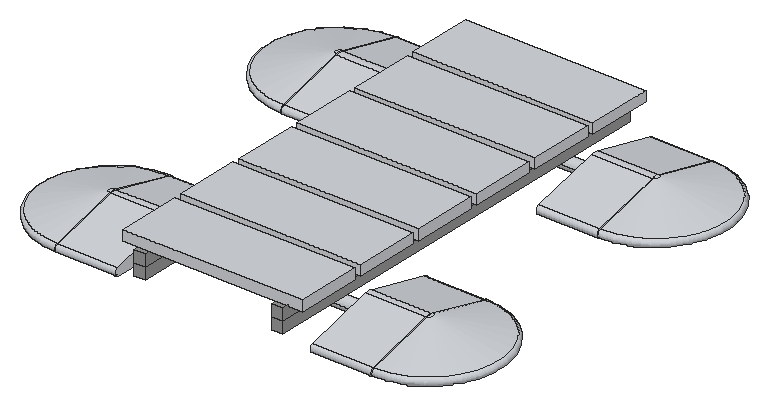
Revit family "Kee_Safety_KWM21_1_5M_FREE_STANDING_MODULE_75MPH", category Generic Models, host Face, Revit 2024
Family settings
  Host = Face
  Can host rebar = No
  Round Connector Dimension = Use Diameter
  Part Type = Normal
  Cut with Voids When Loaded = No
  Maintain Annotation Orientation = No
  Shared = No
  Room Calculation Point = No
Parameters
  Shipping Weight kg = "74"
  Product Range = "KeeWalk"
  Product Model Number = "WW721ASSY"
  Product Literature = "https://keesafety.co.uk/images/uploads/uk/documents/Kee_Walk_Brochure_1.pdf"
  Product Group = "KeeWalk"
  Product Family = "KeeWalk"
  Width = 1590 mm
  Overall Width = 620 mm
  Overall Length = 1494 mm
  Overall Height = 167 mm
  Material = Aluminum
  Manufacturer Website = "www.keesafety.co.uk"
  Manufacturer Country = "United Kingdom"
  Manufacturer = "Kee Safety"
  Location of Manufacturer = "Cradley Heath"
  Gross Weight kg = "74"
  Finish = "Annodized Aluminium"
  Features = "Modular Rooftop walkway to EN 516"
  Design Country = "United Kingdom"
  Description = "Kee Walk® System provides a safe, anti-slip, level walking surface for means of access to and across roofs. It provides a\r\ndemarcation route which protects the roof membrane from unnecessary foot traffic and potential damage. Pre-assembled\r\nin 1,5m unit."
  Default Elevation = 1219.2 mm
  Coverage Area = 1500.00 m²
  Colour = "Tread Black"
  CE Approval = yes
  Assembly Code = "KWM21"
  Annually = "Periodic inspections by a competent person are recommended by the manufacturer. In\r\nUK/Europe these are required under Regulation 5 of the Workplace (Health, Safety &\r\nWelfare) Regulations, the Work at Height Regulations and BS EN 365. The frequency will\r\ndepend upon the environment, location and usage but should be at least every 12 months.\r\nWalk and visually inspect the complete installed system in relation to the clients’ general\r\nneeds. Establish if any modifications and/or additional products are required to reflect\r\nany refurbishment requirements or additional plant & equipment which have been installed\r\nand require access.\r\nCheck installation configuration is complete as per the original installation drawing/plan.\r\nEnsure the system has not been modified or tampered with by unauthorised persons.\r\nCheck all Kee Walk are in place as per the original drawing. This is essential for longevity of\r\nthe roof.\r\nCheck all fixings are in place and correctly torqued.\r\nAny galvanised components showing signs of corrosion should be wire brushed thoroughly\r\nand galvanised spray/paint applied as appropriate. If rusted significantly, take digital\r\nphotographs and include these in the inspection report. All component and assembled\r\nparts should be kept clean, using detergent if necessary, by wiping down with a wet cloth\r\nor hosing with clean water, after which they should be wiped down with a dry cloth.\r\nWhere toe-boards are fitted check the brackets that support the toe-board are in place and\r\nsufficiently torqued.\r\nWhere applicable check fixings to walls/structures including cat ladder clamps are in place\r\nand sufficiently torqued.\r\nIf the Kee Walk becomes damaged in any, please arrange for inspection and any necessary\r\nrepair or component replacement.."
  Angle [instance] = 0.00°
Reference planes
  plane 1 "Center (Front/Back)": y = 0
  plane 2: z = 0
  plane 3 "Center (Left/Right)": x = 0
  plane 4: z = 81
  plane 5 "1": z = 75.213
  plane 6 "2": z = 73.792
  plane 7 "3": z = 57.713
  plane 8 "5": z = 41.568
  plane 9 "4": z = 56.945
  plane 10 "6": z = 40.402
Dimensions and locks
  level to plane 4 = 81 mm
  aligned and locked: plane 2 to host face
  aligned and locked: level to host face
  aligned and locked: plane 1 "Center (Front/Back)" to nested 1
Nested families
  nested 1: "KWM21 1,5M FREE STANDING MODULE 75MPH" at (-17.5, 0, 0), type "KWM21 1,5M FREE STANDING MODULE 75MPH"
Definition of nested family "KWM21 1,5M FREE STANDING MODULE 75MPH"
  Parameters (values of type "KWM21 1,5M FREE STANDING MODULE 75MPH")
    step length = 1040 mm
    part = yes
    full steps pitch = 2004 mm
    Step Material = none
    Step Angle = 0.00°
    Step Brck position = (step length / 2)  # 520 mm
    Railing Material = none
    Overall Length = 1494 mm
    Default Elevation = 1219.2 mm
    Base Material = none
  Reference planes
    plane 1 "Center (Front/Back)": y = 0
    plane 2: z = 0
    plane 3 "Center (Left/Right)": x = -67.5
    plane 4: y = 747
    plane 5: y = -747
    plane 6: z = 82.4
    plane 7: x = 552.5
    plane 8: x = -15
    plane 9: z = 42.4
    plane 10: x = 25
    plane 11: x = 242.5
    plane 12: y = -477
    plane 13: y = 497
    plane 14: y = -20
    plane 15: y = 20
    plane 16: x = 500
    plane 17: x = 460
    plane 18: y = -1257
    plane 19: z = 21.2
    plane 20: x = -92.5
    plane 21: x = 577.5
    plane 22: z = 85
    plane 23: y = 247
    plane 24: x = -302.5
    plane 25: x = -552.67
    plane 26: x = 1037.67
  Forms (mm)
    Extrusion 1, solid, not visible, detail levels fine
      sketch origin (84, 481.056, 0) x (1, 0, 0) y (0, 1, 0)
        loop
          line (-954, 1018.944) -> (-954, -2042.709) -> (1123.899, -2042.709) -> (1123.899, 1018.944) -> (-954, 1018.944)
      from 0 to -100
    Extrusion 2, solid, material <- "Base Material", detail levels fine
      sketch origin (145, 130, 0) x (1, 0, 0) y (0, 1, 0)
        loop
          line (-160, 617) -> (-160, -877) -> (-120, -877) -> (-120, 617) -> (-160, 617)
      from 42.4 to 82.4
    Extrusion 3, solid, material <- "Base Material", detail levels fine
      sketch origin (340, 130, 0) x (-1, 0, 0) y (0, -1, 0)
        loop
          line (-160, -617) -> (-120, -617) -> (-120, 877) -> (-160, 877) -> (-160, -617)
      from 42.4 to 82.4
    Extrusion 4, solid, detail levels fine
      sketch origin (-67.5, 0, 70) x (0, 1, 0) y (0, 0, 1)
        loop
          line (747, 52.4) -> (747, 87.4) -> (522, 87.4) -> (522, 52.4) -> (747, 52.4)
      from 0 to 620
    Extrusion 5, solid, material <- "Railing Material", detail levels fine
      sketch origin (-70, -55.625, 88.905) x (0, 1, 0) y (0, 0, 1)
        loop
          line (802.625, -6.505) -> (802.625, 33.495) -> (-691.375, 33.495) -> (-691.375, -6.505) -> (802.625, -6.505)
      from 55 to 95
    Extrusion 6, solid, detail levels medium
      sketch origin (0, 0, 0) x (1, 0, 0) y (0, 0, 1)
        loop
          line (-92.5, 0) -> (577.5, 0) -> (577.5, 42.4) -> (500, 42.4) -> (500, 122.4) -> (552.5, 122.4) -> (552.5, 157.4) -> (-67.5, 157.4) -> (-67.5, 122.4) -> (-15, 122.4) -> (-15, 42.4) -> (-92.5, 42.4) -> (-92.5, 0)
      from -747 to 747
    Extrusion 7, solid, detail levels coarse
      sketch origin (0, 0, 0) x (1, 0, 0) y (0, 0, 1)
        loop
          line (-552.67, 0) -> (1037.67, 0) -> (1037.67, 85) -> (552.5, 85) -> (552.5, 157.4) -> (-67.5, 157.4) -> (-67.5, 85) -> (-552.67, 85) -> (-552.67, 0)
      from -747 to 747
    Extrusion 8, solid, detail levels fine
      sketch origin (-70, 263.081, -74.315) x (0, 1, 0) y (0, 0, 1)
        loop
          circle (233.919, 95.515) r 21.2
        loop
          circle (-740.081, 95.515) r 21.2
      from -22.5 to 647.5
    Extrusion 9, solid, detail levels fine
      sketch origin (162.5, -2.779, 0) x (0, 1, 0) y (0, 0, 1)
        loop
          arc (736.027, 0) -> (749.495, 11.913) -> (739.314, 26.734) r 13.569
          line (739.314, 26.734) -> (512.501, 83.37)
          arc (512.501, 83.37) -> (499.418, 84.979) -> (486.336, 83.37) r 54
          line (486.336, 83.37) -> (259.523, 26.734)
          arc (259.523, 26.734) -> (249.342, 11.913) -> (262.81, 0) r 13.569
          line (262.81, 0) -> (497, 0) -> (736.027, 0)
      from -255 to -465
    Revolve 10, solid, detail levels fine
      sketch origin (-302.5, 0, 0) x (0, 1, 0) y (0, 0, 1)
        loop
          arc (733.609, 0) -> (747.076, 11.913) -> (736.896, 26.734) r 13.569
          line (736.896, 26.734) -> (510.082, 83.37)
          arc (510.082, 83.37) -> (503.59, 84.575) -> (497, 84.979) r 54
          line (497, 84.979) -> (497, 0) -> (733.609, 0)
        axis (497, 84.979) -> (497, 0)
      angle from 0 to 180
    Extrusion 11, solid, detail levels fine
      sketch origin (322.5, -2.779, 0) x (0, 1, 0) y (0, 0, -1)
        loop
          line (736.027, 0) -> (497, 0) -> (262.81, 0)
          arc (262.81, 0) -> (249.342, -11.913) -> (259.523, -26.734) r 13.569
          line (259.523, -26.734) -> (486.336, -83.37)
          arc (486.336, -83.37) -> (499.418, -84.979) -> (512.501, -83.37) r 54
          line (512.501, -83.37) -> (739.314, -26.734)
          arc (739.314, -26.734) -> (749.495, -11.913) -> (736.027, 0) r 13.569
      from -255 to -465
    Revolve 12, solid, detail levels fine
      sketch origin (787.5, 0, 0) x (0, 1, 0) y (0, 0, -1)
        loop
          line (733.609, 0) -> (497, 0) -> (497, -84.979)
          arc (497, -84.979) -> (503.59, -84.575) -> (510.082, -83.37) r 54
          line (510.082, -83.37) -> (736.896, -26.734)
          arc (736.896, -26.734) -> (747.076, -11.913) -> (733.609, 0) r 13.569
        axis (497, -84.979) -> (497, 0)
      angle from 0 to 180
    Extrusion 13, solid, detail levels medium
      sketch origin (0, 0, 0) x (1, 0, 0) y (0, 1, 0)
        loop
          line (-92.5, 747) -> (-552.67, 747) -> (-552.67, 247) -> (-92.5, 247) -> (-92.5, 747)
        loop
          line (1037.67, 747) -> (577.5, 747) -> (577.5, 246.462) -> (1037.67, 246.462) -> (1037.67, 747)
      from 0 to 85
    Extrusion 14, solid, material <- "Railing Material", detail levels fine
      sketch origin (555, -55.625, 88.905) x (0, 1, 0) y (0, 0, -1)
        loop
          line (802.625, 6.505) -> (-691.375, 6.505) -> (-691.375, -33.495) -> (802.625, -33.495) -> (802.625, 6.505)
      from 55 to 95
    Revolve 15, solid, detail levels fine
      sketch origin (-302.5, -2510, 0) x (0, 1, 0) y (0, 0, 1)
        loop
          arc (2269.609, 0) -> (2283.076, 11.913) -> (2272.896, 26.734) r 13.569
          line (2272.896, 26.734) -> (2046.082, 83.37)
          arc (2046.082, 83.37) -> (2039.59, 84.575) -> (2033, 84.979) r 54
          line (2033, 84.979) -> (2033, 0) -> (2269.609, 0)
        axis (2033, 84.979) -> (2033, 0)
      angle from 0 to 180
    Revolve 16, solid, detail levels fine
      sketch origin (787.5, -2510, 0) x (0, 1, 0) y (0, 0, -1)
        loop
          line (2269.609, 0) -> (2033, 0) -> (2033, -84.979)
          arc (2033, -84.979) -> (2039.59, -84.575) -> (2046.082, -83.37) r 54
          line (2046.082, -83.37) -> (2272.896, -26.734)
          arc (2272.896, -26.734) -> (2283.076, -11.913) -> (2269.609, 0) r 13.569
        axis (2033, -84.979) -> (2033, 0)
      angle from 0 to 180
    Extrusion 17, solid, detail levels medium
      sketch origin (0, -974, 0) x (1, 0, 0) y (0, 1, 0)
        loop
          line (-92.5, 747) -> (-552.67, 747) -> (-552.67, 247) -> (-92.5, 247) -> (-92.5, 747)
        loop
          line (1037.67, 747) -> (577.5, 747) -> (577.5, 246.462) -> (1037.67, 246.462) -> (1037.67, 747)
      from 0 to 85
    Extrusion 18, solid, detail levels fine
      sketch origin (162.5, -976.779, 0) x (0, 1, 0) y (0, 0, 1)
        loop
          arc (736.027, 0) -> (749.495, 11.913) -> (739.314, 26.734) r 13.569
          line (739.314, 26.734) -> (512.501, 83.37)
          arc (512.501, 83.37) -> (499.418, 84.979) -> (486.336, 83.37) r 54
          line (486.336, 83.37) -> (259.523, 26.734)
          arc (259.523, 26.734) -> (249.342, 11.913) -> (262.81, 0) r 13.569
          line (262.81, 0) -> (497, 0) -> (736.027, 0)
      from -255 to -465
    Extrusion 19, solid, detail levels fine
      sketch origin (322.5, -976.779, 0) x (0, 1, 0) y (0, 0, -1)
        loop
          line (736.027, 0) -> (497, 0) -> (262.81, 0)
          arc (262.81, 0) -> (249.342, -11.913) -> (259.523, -26.734) r 13.569
          line (259.523, -26.734) -> (486.336, -83.37)
          arc (486.336, -83.37) -> (499.418, -84.979) -> (512.501, -83.37) r 54
          line (512.501, -83.37) -> (739.314, -26.734)
          arc (739.314, -26.734) -> (749.495, -11.913) -> (736.027, 0) r 13.569
      from -255 to -465
    Extrusion 20, solid, detail levels fine
      sketch origin (-67.5, -250, 70) x (0, 1, 0) y (0, 0, 1)
        loop
          line (747, 52.4) -> (747, 87.4) -> (522, 87.4) -> (522, 52.4) -> (747, 52.4)
      from 0 to 620
    Extrusion 21, solid, detail levels fine
      sketch origin (-67.5, -500, 70) x (0, 1, 0) y (0, 0, 1)
        loop
          line (747, 52.4) -> (747, 87.4) -> (522, 87.4) -> (522, 52.4) -> (747, 52.4)
      from 0 to 620
    Extrusion 22, solid, detail levels fine
      sketch origin (-67.5, -750, 70) x (0, 1, 0) y (0, 0, 1)
        loop
          line (747, 52.4) -> (747, 87.4) -> (522, 87.4) -> (522, 52.4) -> (747, 52.4)
      from 0 to 620
    Extrusion 23, solid, detail levels fine
      sketch origin (-67.5, -1000, 70) x (0, 1, 0) y (0, 0, 1)
        loop
          line (747, 52.4) -> (747, 87.4) -> (522, 87.4) -> (522, 52.4) -> (747, 52.4)
      from 0 to 620
    Extrusion 24, solid, detail levels fine
      sketch origin (-67.5, -1250, 70) x (0, 1, 0) y (0, 0, 1)
        loop
          line (747, 52.4) -> (747, 87.4) -> (522, 87.4) -> (522, 52.4) -> (747, 52.4)
      from 0 to 620
  Dimensions and locks
    plane 6 to level = 82.4 mm
    locked: plane 6 to plane 9 at 40
    locked: plane 10 to plane 8 at 40
    plane 12 to plane 5 = 270 mm
    locked: plane 15 to plane 14 at 40
    locked: plane 17 to plane 16 at 40
    equal spacing: plane 4, plane 1 "Center (Front/Back)", plane 5
    plane 4 to plane 13 = 250 mm
    plane 15 to plane 1 "Center (Front/Back)" = 20 mm
    plane 7 to plane 3 "Center (Left/Right)" = 620 mm
    equal spacing: plane 7, plane 11, plane 3 "Center (Left/Right)"
    equal spacing: plane 17, plane 11, plane 10
    plane 17 to plane 10 = 435 mm
    "full steps pitch": plane 4 to plane 18
    locked: Extrusion 4 sketch curve to Extrusion 4 sketch curve at 35
    locked: Extrusion 4 sketch curve to Extrusion 4 sketch curve at 225
    locked: Extrusion 5 sketch curve to Extrusion 5 sketch curve at 40
    "Overall Length": plane 4 to plane 5
    plane 1 "Center (Front/Back)" to plane 15 = 20 mm
    locked: plane 19 to level at 21.2
    locked: plane 4 to Extrusion 8 sketch curve at 250
    locked: Extrusion 8 sketch curve to Extrusion 1 at 21.2
    equal spacing: plane 21, plane 11, plane 20
    locked: plane 21 to plane 20 at 670
    locked: plane 22 to level at 85
    locked: plane 13 to plane 23 at 250
    locked: plane 20 to plane 24 at 210
    plane 25 to plane 26 = 1590.34 mm
    equal spacing: plane 25, plane 11, plane 26
    locked: Extrusion 14 sketch curve to Extrusion 14 sketch curve at 40
    locked: Extrusion 20 sketch curve to Extrusion 20 sketch curve at 35
    locked: Extrusion 20 sketch curve to Extrusion 20 sketch curve at 225
    locked: Extrusion 21 sketch curve to Extrusion 21 sketch curve at 35
    locked: Extrusion 21 sketch curve to Extrusion 21 sketch curve at 225
    equal spacing: group 1, group 2, group 3, group 4, group 5  (x2)
    equal spacing: group 5, group 4, group 3, group 2, group 1
    locked: Extrusion 22 sketch curve to Extrusion 22 sketch curve at 35
    locked: Extrusion 22 sketch curve to Extrusion 22 sketch curve at 225
    locked: Extrusion 23 sketch curve to Extrusion 23 sketch curve at 35
    locked: Extrusion 23 sketch curve to Extrusion 23 sketch curve at 225
    locked: Extrusion 24 sketch curve to Extrusion 24 sketch curve at 35
    locked: Extrusion 24 sketch curve to Extrusion 24 sketch curve at 225
    aligned and locked: plane 2 to Extrusion 1
    aligned and locked: level to Extrusion 1
    aligned and locked: plane 6 to Extrusion 2
    aligned and locked: Extrusion 2 to plane 9
    aligned and locked: Extrusion 2 to plane 8
    aligned and locked: plane 10 to Extrusion 2
    aligned and locked: Extrusion 2 to plane 4
    aligned and locked: plane 5 to Extrusion 2
    aligned and locked: plane 7 to Extrusion 4
    aligned and locked: Extrusion 4 to plane 3 "Center (Left/Right)"
    aligned and locked: Extrusion 6 sketch curve to level
    aligned and locked: plane 9 to Extrusion 6 sketch curve  (x2)
    aligned and locked: Extrusion 6 sketch curve to plane 8
    aligned and locked: Extrusion 7 sketch curve to level
    aligned and locked: plane 7 to Extrusion 7 sketch curve
    aligned and locked: Extrusion 7 sketch curve to plane 3 "Center (Left/Right)"
    aligned and locked: Extrusion 6 to plane 4
    aligned and locked: plane 5 to Extrusion 6
    aligned and locked: Extrusion 5 sketch curve to plane 6
    aligned and locked: Extrusion 5 sketch curve to plane 4
    aligned and locked: plane 5 to Extrusion 5 sketch curve
    aligned and locked: plane 4 to Extrusion 4 sketch curve
    aligned and locked: Extrusion 4 to Extrusion 5
    aligned and locked: Extrusion 5 to Extrusion 2
    aligned and locked: Extrusion 2 to Extrusion 5
    aligned and locked: Extrusion 8 to plane 20
    aligned and locked: plane 21 to Extrusion 8
    aligned and locked: Extrusion 9 to plane 24
    aligned and locked: Extrusion 9 to Extrusion 8
    aligned and locked: plane 22 to Extrusion 7  (x2)
    aligned and locked: plane 25 to Extrusion 7
    aligned and locked: plane 26 to Extrusion 7
    aligned and locked: Extrusion 6 to Extrusion 8  (x2)
    aligned and locked: Extrusion 6 to Extrusion 13 sketch curve
    aligned and locked: Extrusion 13 sketch curve to Extrusion 6
    aligned and locked: plane 23 to Extrusion 13 sketch curve
    aligned and locked: plane 25 to Extrusion 13 sketch curve
    aligned and locked: Extrusion 13 sketch curve to Extrusion 7
    aligned and locked: Extrusion 7 to Extrusion 13 sketch curve
    aligned and locked: Extrusion 13 sketch curve to Extrusion 11
    aligned and locked: Extrusion 13 to Extrusion 7
    aligned and locked: plane 6 to Extrusion 3
    aligned and locked: plane 17 to Extrusion 3
    aligned and locked: Extrusion 3 to plane 16
    aligned and locked: Extrusion 14 to Extrusion 4
    aligned and locked: Extrusion 14 to plane 6
    aligned and locked: Extrusion 14 to plane 16
    aligned and locked: Extrusion 6 sketch curve to Extrusion 4  (x2)
    aligned and locked: Extrusion 6 sketch curve to plane 7
    aligned and locked: plane 3 "Center (Left/Right)" to Extrusion 6 sketch curve
    aligned and locked: Extrusion 6 sketch curve to Extrusion 6 sketch curve
    aligned and locked: Extrusion 7 to plane 4
    aligned and locked: plane 5 to Extrusion 7
  Automatic sketch dimensions
    Extrusion 1 sketch curve to Extrusion 1 sketch curve = 2077.899 mm
    Extrusion 1 sketch curve to Extrusion 1 sketch curve = 3061.653 mm
    plane 5 to Extrusion 2 sketch curve = 0 mm
    Extrusion 2 sketch curve to plane 8 = 0 mm
    Extrusion 2 sketch curve to plane 10 = 0 mm
    plane 4 to Extrusion 2 sketch curve = 0 mm
    plane 5 to Extrusion 3 sketch curve = 0 mm
    Extrusion 3 sketch curve to plane 16 = 0 mm
    Extrusion 3 sketch curve to plane 17 = 0 mm
    plane 4 to Extrusion 3 sketch curve = 0 mm
    plane 22 to Extrusion 4 sketch curve = 37.4 mm
    Extrusion 6 sketch curve to plane 20 = 0 mm
    plane 16 to Extrusion 6 sketch curve = 0 mm
    Extrusion 6 sketch curve to plane 21 = 0 mm
    plane 25 to Extrusion 7 sketch curve = 0 mm
    Extrusion 7 sketch curve to plane 26 = 0 mm
    Extrusion 7 sketch curve to plane 22 = 0 mm  (x2)
    Extrusion 7 sketch curve to Extrusion 7 sketch curve = 72.4 mm
    Extrusion 8 sketch curve to plane 12 = 0 mm
    Extrusion 8 sketch curve to plane 19 = 0 mm
    Extrusion 9 sketch curve to level = 0 mm
    plane 19 to Extrusion 9 sketch curve = 5.534 mm  (x2)
    Extrusion 9 sketch curve to plane 23 = 9.744 mm
    Extrusion 9 sketch curve to plane 19 = 7.631 mm
    plane 6 to Extrusion 9 sketch curve = 0.97 mm  (x2)
    Extrusion 9 sketch curve to plane 13 = 13.443 mm
    Extrusion 9 sketch curve to plane 13 = 2.779 mm
    Extrusion 9 sketch curve to plane 13 = 0.36 mm
    plane 4 to Extrusion 9 sketch curve = 13.752 mm
    plane 4 to Extrusion 9 sketch curve = 10.464 mm
    plane 19 to Extrusion 9 sketch curve = 9.779 mm
    Revolve 10 sketch curve to plane 13 = 0 mm  (x2)
    Revolve 10 sketch curve to level = 0 mm
    plane 6 to Revolve 10 sketch curve = 0.97 mm
    plane 13 to Revolve 10 sketch curve = 13.082 mm
    plane 4 to Revolve 10 sketch curve = 13.391 mm
    plane 19 to Revolve 10 sketch curve = 5.534 mm
    plane 4 to Revolve 10 sketch curve = 10.104 mm
    plane 19 to Revolve 10 sketch curve = 9.779 mm
    Revolve 10 sketch curve to level = 204.931 mm
    plane 22 to Revolve 10 sketch curve = 200.069 mm
    Extrusion 11 sketch curve to level = 0 mm
    plane 19 to Extrusion 11 sketch curve = 5.534 mm  (x2)
    Extrusion 11 sketch curve to plane 23 = 9.744 mm
    Extrusion 11 sketch curve to plane 19 = 7.631 mm
    plane 6 to Extrusion 11 sketch curve = 0.97 mm  (x2)
    Extrusion 11 sketch curve to plane 13 = 13.443 mm
    Extrusion 11 sketch curve to plane 13 = 2.779 mm
    Extrusion 11 sketch curve to plane 13 = 0.36 mm
    plane 4 to Extrusion 11 sketch curve = 13.752 mm
    plane 4 to Extrusion 11 sketch curve = 10.464 mm
    plane 19 to Extrusion 11 sketch curve = 9.779 mm
    Revolve 12 sketch curve to plane 13 = 0 mm  (x2)
    Revolve 12 sketch curve to level = 0 mm
    plane 6 to Revolve 12 sketch curve = 0.97 mm
    plane 13 to Revolve 12 sketch curve = 13.082 mm
    plane 4 to Revolve 12 sketch curve = 13.391 mm
    plane 19 to Revolve 12 sketch curve = 5.534 mm
    plane 4 to Revolve 12 sketch curve = 10.104 mm
    Revolve 12 sketch curve to plane 22 = 0.021 mm
    plane 22 to Revolve 12 sketch curve = 200.069 mm
    Revolve 12 sketch curve to Revolve 12 sketch curve = 204.931 mm
    plane 23 to Extrusion 13 sketch curve = 0.538 mm
    Extrusion 14 sketch curve to plane 5 = 0 mm
    Extrusion 14 sketch curve to plane 4 = 0 mm
    Extrusion 14 sketch curve to plane 6 = 0 mm
    Revolve 15 sketch curve to plane 12 = 0 mm  (x2)
    Revolve 15 sketch curve to level = 0 mm
    plane 6 to Revolve 15 sketch curve = 0.97 mm
    Revolve 15 sketch curve to plane 12 = 13.082 mm
    Revolve 15 sketch curve to plane 19 = 7.631 mm
    Revolve 15 sketch curve to plane 14 = 220.391 mm
    plane 19 to Revolve 15 sketch curve = 5.534 mm
    plane 19 to Revolve 15 sketch curve = 9.779 mm
    Revolve 15 sketch curve to Revolve 15 sketch curve = 204.931 mm
    plane 22 to Revolve 15 sketch curve = 200.069 mm
    Revolve 16 sketch curve to plane 12 = 0 mm  (x2)
    Revolve 16 sketch curve to level = 0 mm
    plane 6 to Revolve 16 sketch curve = 0.97 mm
    Revolve 16 sketch curve to plane 12 = 13.082 mm
    Revolve 16 sketch curve to plane 19 = 7.631 mm
    Revolve 16 sketch curve to plane 14 = 220.391 mm
    plane 19 to Revolve 16 sketch curve = 5.534 mm
    Revolve 16 sketch curve to plane 22 = 0.021 mm
    plane 22 to Revolve 16 sketch curve = 200.069 mm
    Revolve 16 sketch curve to Revolve 16 sketch curve = 204.931 mm
    Extrusion 17 sketch curve to plane 25 = 0 mm
    Extrusion 17 sketch curve to plane 20 = 0 mm
    Extrusion 17 sketch curve to plane 21 = 0 mm
    Extrusion 17 sketch curve to plane 26 = 0 mm
    Extrusion 17 sketch curve to plane 5 = 19.462 mm
    Extrusion 17 sketch curve to plane 5 = 20 mm
    Extrusion 17 sketch curve to plane 14 = 207 mm  (x2)
    Extrusion 18 sketch curve to level = 0 mm
    plane 19 to Extrusion 18 sketch curve = 5.534 mm  (x2)
    Extrusion 18 sketch curve to plane 5 = 29.744 mm
    Extrusion 18 sketch curve to plane 19 = 7.631 mm  (x2)
    plane 6 to Extrusion 18 sketch curve = 0.97 mm  (x2)
    plane 12 to Extrusion 18 sketch curve = 13.443 mm
    plane 12 to Extrusion 18 sketch curve = 2.779 mm
    plane 12 to Extrusion 18 sketch curve = 0.36 mm
    Extrusion 18 sketch curve to plane 14 = 220.752 mm
    plane 19 to Extrusion 18 sketch curve = 9.779 mm
    Extrusion 19 sketch curve to level = 0 mm
    plane 19 to Extrusion 19 sketch curve = 5.534 mm  (x2)
    Extrusion 19 sketch curve to plane 5 = 29.744 mm
    Extrusion 19 sketch curve to plane 19 = 7.631 mm  (x2)
    plane 6 to Extrusion 19 sketch curve = 0.97 mm  (x2)
    plane 12 to Extrusion 19 sketch curve = 13.443 mm
    plane 12 to Extrusion 19 sketch curve = 2.779 mm
    plane 12 to Extrusion 19 sketch curve = 0.36 mm
    Extrusion 19 sketch curve to plane 14 = 220.752 mm
    plane 19 to Extrusion 19 sketch curve = 9.779 mm
    radius of Extrusion 8 sketch curve = 21.2 mm  (x2)
